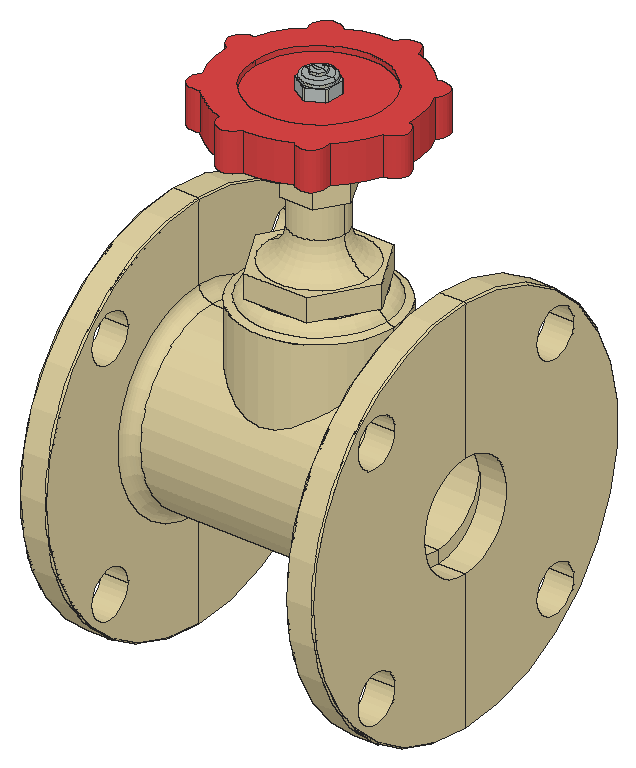
Revit family "AA01920000", category Apparecchi idraulici, Revit 2020
Family settings
  Quota connettore circolare = Usa diametro
  Tipo di parte = Normale
  Numero OmniClass = 23.45.00.00
  Titolo OmniClass = Sanitary, Laundry, and Cleaning Equipment
  Basato su piano di lavoro = No
  Sempre verticale = Sì
  Taglio con vuoti quando caricato = No
  Condiviso = No
  Punto di calcolo locali = No
Parameters
  URL = "https://web.cimberio.it/index.php/figura/1?subcategoria_id=10200"
  Temperatura di esercizio = "-10 ÷ 170°C (DN 15 ÷ 100); -10 ÷ 150°C (DN 125 e 150)"
  Prospetto di default = 0 mm
  Produttore = "CIMBERIO SPA"
  Pressione nominale = "PN 16 (DN 15 ÷ 100); PN 10 (DN 125 e 150)"
  Modello = "Cim *72FPN10"
  Materiale = "Prodotto in lega di bronzo conforme alla norma EN 1982-CC491K"
  Descrizione = "Utilizzato nei più svariati settori dell'impiantistica: impianti di riscaldamento, condizionamento, idrici, igienico-sanitari, reti di distribuzione oli, benzine, vapore saturo e in generale con ogni fluido non corrosivo."
  DN Model [instance] = AA01923204 : AA01923204
  DN [instance] = 40 mm
  Commenti sul tipo = "Realizzato in ottemperanza ai requisiti gestionali della norma EN ISO 9001. Collaudato al 100% secondo la normativa EN 12266-1."
Reference planes
  plane 1 "Centro (Fronte/Retro)": y = 0
  plane 2: z = 0
  plane 3 "Centro (Sinistra/Destra)": x = 0
Dimensions and locks
  aligned and locked: level to plane 2
Nested families
  nested 1: "AA01923204" at (0, 0, 0), type <- "DN Model", type "AA01923204"
  nested 2: "AA01923204" at (0, 0, 0), type <- "DN Model", type "AA01923204"
  nested 3: "AA01923204" at (0, 0, 0), type <- "DN Model", type "AA01923204"
  nested 4: "AA01923204" at (0, 0, 0), type <- "DN Model", type "AA01923204"
  nested 5: "AA01923204" at (0, 0, 0), type <- "DN Model", type "AA01923204"
  nested 6: "AA01923204" at (0, 0, 0), type <- "DN Model", type "AA01923204"
  nested 7: "AA01923204" at (0, 0, 0), type <- "DN Model", type "AA01923204"
  nested 8: "AA01923204" at (0, 0, 0), type <- "DN Model", type "AA01923204"
  nested 9: "AA01923204" at (0, 0, 0), type <- "DN Model", type "AA01923204"
  nested 10: "AA01923204" at (0, 0, 0), type <- "DN Model", type "AA01923204"
  nested 11: "AA01923204" at (0, 0, 0), type <- "DN Model", type "AA01923204"
Connectors
  piping at (56.502, 0, -4.5), diameter 40, driven by "DN"
    settings: on nested 1, index 1, connector inside diameter 609.6 mm, connector length 0 mm, flow factor 0, pipe flow 0.0 L/s, pressure drop 0.0 Pa, fitting loss kfactor 0, connector angle 0.00°, fixture units 0, engagement length 0 mm, angle of deflection 0.00°, flow configuration 0, flow direction 0, fitting loss method 0, system type 7, joint type 0, gender type 0, connector reference index -1, connector utility 0, adjustable connector no, is connector primary yes, connector description ""
  piping at (-56.502, 0, -4.5), diameter 40, driven by "DN"
    settings: on nested 1, index 2, connector inside diameter 609.6 mm, connector length 0 mm, flow factor 0, pipe flow 0.0 L/s, pressure drop 0.0 Pa, fitting loss kfactor 0, connector angle 0.00°, fixture units 0, engagement length 0 mm, angle of deflection 0.00°, flow configuration 0, flow direction 0, fitting loss method 0, system type 7, joint type 0, gender type 0, connector reference index -1, connector utility 0, adjustable connector no, is connector primary no, connector description ""
Definition of nested family "AA01923204"
  Parameters (values of type "AA01923204")
    Default Elevation = 0 mm
  Reference planes
    plane 1 "Centro (Fronte/Retro)": y = 0
    plane 2: z = 0
    plane 3 "Centro (Sinistra/Destra)": x = 0
  Forms (mm)
    Revolve 1, solid
      sketch origin (0, 0, 0) x (1, 0, 0) y (0, 0, 1)
        loop
          line (45.998, -20) -> (-46.002, -20) -> (-46.002, -39.5)
          arc (-46.002, -39.5) -> (-44.537, -35.964) -> (-41.002, -34.5) r 5
          line (-41.002, -34.5) -> (41.08, -34.5)
          arc (41.08, -34.5) -> (44.281, -35.659) -> (45.998, -38.598) r 5
          line (45.998, -38.598) -> (45.998, -20)
        axis (-46.002, 0) -> (45.998, 0)
      angle from 0 to 360
    Revolve 2, solid
      sketch origin (0, 0, 35) x (1, 0, 0) y (0, 0, 1)
        loop
          arc (-21.752, 20.5) -> (-24.233, 18.971) -> (-26.002, 16.654) r 8
          line (-26.002, 16.654) -> (-28.752, 15.653) -> (-28.752, -26.522) -> (0, -26.522) -> (0, 20.5) -> (-21.752, 20.5)
        axis (0, 20.5) -> (0, -26.522)
      angle from 0 to 360
    Extrusion 3, solid
      sketch origin (0, 0, 18) x (0, -1, 0) y (1, 0, 0)
        loop
          line (0, 24.15) -> (-20.915, 12.075) -> (-20.915, -12.075) -> (0, -24.15) -> (20.915, -12.075) -> (20.915, 12.075) -> (0, 24.15)
      from 37.5 to 46.166
    Revolve 4, solid
      sketch origin (0, 0, 48.994) x (1, 0, 0) y (0, 0, 1)
        loop
          line (0, 15.171) -> (0, 39) -> (-10.002, 39) -> (-10.002, 27.246)
          arc (-10.002, 27.246) -> (-12.585, 19.636) -> (-19.267, 15.171) r 12.5
          line (-19.267, 15.171) -> (0, 15.171)
        axis (0, 39) -> (0, 15.171)
      angle from 0 to 360
    Extrusion 5, solid
      sketch origin (0, 0, 18) x (0, -1, 0) y (1, 0, 0)
        loop
          line (0, 12.5) -> (-10.825, 6.25) -> (-10.825, -6.25) -> (0, -12.5) -> (10.825, -6.25) -> (10.825, 6.25) -> (0, 12.5)
      from 69.995 to 82
    Revolve 6, solid
      sketch origin (0, 0, 45.008) x (1, 0, 0) y (0, 0, 1)
        loop
          line (-5.5, 64.492) -> (-5.5, 52.992) -> (0, 52.992) -> (0, 64.492) -> (-5.5, 64.492)
        axis (0, 64.492) -> (0, 52.992)
      angle from 0 to 360
    Extrusion 7, solid
      sketch origin (0, 0, 31.5) x (0.999997, 0.002557, 0) y (-0.002557, 0.999997, 0)
        loop
          spline (-15.797, 32.071) -> (-17.019, 32.821) -> (-18.289, 33.332) -> (-19.561, 33.587) -> (-20.79, 33.575) -> (-21.931, 33.299) -> (-22.943, 32.766) -> (-23.79, 31.997) -> (-24.44, 31.02) -> (-24.871, 29.869) -> (-25.067, 28.586) -> (-25.02, 27.218) -> (-24.734, 25.813)
          arc (-24.734, 25.813) -> (-30.151, 19.208) -> (-33.847, 11.507) r 35.75
          spline (-33.847, 11.507) -> (-35.242, 11.174) -> (-36.501, 10.637) -> (-37.581, 9.918) -> (-38.442, 9.041) -> (-39.053, 8.038) -> (-39.392, 6.946) -> (-39.447, 5.804) -> (-39.216, 4.653) -> (-38.707, 3.534) -> (-37.938, 2.488) -> (-36.938, 1.554) -> (-35.742, 0.763)
          arc (-35.742, 0.763) -> (-34.903, -7.738) -> (-32.071, -15.797) r 35.75
          spline (-32.071, -15.797) -> (-32.821, -17.019) -> (-33.332, -18.289) -> (-33.587, -19.561) -> (-33.575, -20.79) -> (-33.299, -21.931) -> (-32.766, -22.943) -> (-31.997, -23.79) -> (-31.02, -24.44) -> (-29.869, -24.871) -> (-28.586, -25.067) -> (-27.218, -25.02) -> (-25.813, -24.734)
          arc (-25.813, -24.734) -> (-19.208, -30.151) -> (-11.507, -33.847) r 35.75
          spline (-11.507, -33.847) -> (-11.174, -35.242) -> (-10.637, -36.501) -> (-9.918, -37.581) -> (-9.041, -38.442) -> (-8.038, -39.053) -> (-6.946, -39.392) -> (-5.804, -39.447) -> (-4.653, -39.216) -> (-3.534, -38.707) -> (-2.488, -37.938) -> (-1.554, -36.938) -> (-0.763, -35.742)
          arc (-0.763, -35.742) -> (7.738, -34.903) -> (15.797, -32.071) r 35.75
          spline (15.797, -32.071) -> (17.019, -32.821) -> (18.289, -33.332) -> (19.561, -33.587) -> (20.79, -33.575) -> (21.931, -33.299) -> (22.943, -32.766) -> (23.79, -31.997) -> (24.44, -31.02) -> (24.871, -29.869) -> (25.067, -28.586) -> (25.02, -27.218) -> (24.734, -25.813)
          arc (24.734, -25.813) -> (30.151, -19.208) -> (33.847, -11.507) r 35.75
          spline (33.847, -11.507) -> (35.242, -11.174) -> (36.501, -10.637) -> (37.581, -9.918) -> (38.442, -9.041) -> (39.053, -8.038) -> (39.392, -6.946) -> (39.447, -5.804) -> (39.216, -4.653) -> (38.707, -3.534) -> (37.938, -2.488) -> (36.938, -1.554) -> (35.742, -0.763)
          arc (35.742, -0.763) -> (34.903, 7.738) -> (32.071, 15.797) r 35.75
          spline (32.071, 15.797) -> (32.821, 17.019) -> (33.332, 18.289) -> (33.587, 19.561) -> (33.575, 20.79) -> (33.299, 21.931) -> (32.766, 22.943) -> (31.997, 23.79) -> (31.02, 24.44) -> (29.869, 24.871) -> (28.586, 25.067) -> (27.218, 25.02) -> (25.813, 24.734)
          arc (25.813, 24.734) -> (19.208, 30.151) -> (11.507, 33.847) r 35.75
          spline (11.507, 33.847) -> (11.174, 35.242) -> (10.637, 36.501) -> (9.918, 37.581) -> (9.041, 38.442) -> (8.038, 39.053) -> (6.946, 39.392) -> (5.804, 39.447) -> (4.653, 39.216) -> (3.534, 38.707) -> (2.488, 37.938) -> (1.554, 36.938) -> (0.763, 35.742)
          arc (0.763, 35.742) -> (-7.738, 34.903) -> (-15.797, 32.071) r 35.75
      from 78 to 92.463
    Extrusion 8, void
      sketch origin (0, -1.881, 31.5) x (1, 0, 0) y (0, 1, 0)
        loop
          circle (0, 1.881) r 24.598
      from 90.5 to 93.751
    Extrusion 9, solid
      sketch origin (-0.002, -0.001, 47) x (0.363531, -0.931582, 0) y (0.931582, 0.363531, 0)
        loop
          arc (-6.599, 3.005) -> (-6.779, 2.572) -> (-6.931, 2.128) r 7.25
          line (-6.931, 2.128) -> (-5.901, -4.211)
          arc (-5.901, -4.211) -> (-5.616, -4.584) -> (-5.307, -4.937) r 7.25
          line (-5.307, -4.937) -> (0.698, -7.215)
          arc (0.698, -7.215) -> (1.163, -7.154) -> (1.624, -7.064) r 7.25
          line (1.624, -7.064) -> (6.598, -3.002)
          arc (6.598, -3.002) -> (6.779, -2.569) -> (6.931, -2.125) r 7.25
          line (6.931, -2.125) -> (5.9, 4.214)
          arc (5.9, 4.214) -> (5.615, 4.587) -> (5.307, 4.941) r 7.25
          line (5.307, 4.941) -> (-0.698, 7.218)
          arc (-0.698, 7.218) -> (-1.164, 7.158) -> (-1.624, 7.068) r 7.25
          line (-1.624, 7.068) -> (-6.599, 3.005)
      from 75 to 79.5
    Revolve 10, solid
      sketch origin (0, 0, 47) x (1, 0, 0) y (0, 0, 1)
        loop
          line (0, 81.5) -> (0, 79.5) -> (6.25, 79.5) -> (6.25, 80.5)
          arc (6.25, 80.5) -> (5.957, 81.207) -> (5.25, 81.5) r 1
          line (5.25, 81.5) -> (0, 81.5)
        axis (0, 81.5) -> (0, 79.5)
      angle from 0 to 360
    Revolve 11, solid
      sketch origin (0, 0, 35.477) x (1, 0, 0) y (0, 0, 1)
        loop
          line (0, 95) -> (0, 93) -> (1.851, 93) -> (2.902, 93.446) -> (2.902, 94.245) -> (1.9, 95) -> (0, 95)
        axis (0, 95) -> (0, 93)
      angle from 0 to 360
    Revolve 12, solid
      sketch origin (0, 0, 0) x (1, 0, 0) y (0, 0, 1)
        loop
          line (-56.502, 15.5) -> (-46.002, 15.5) -> (-46.002, 68.5) -> (-46.642, 69) -> (-55.838, 69) -> (-56.502, 68.5) -> (-56.502, 15.5)
        axis (-56.502, -4.5) -> (-46.002, -4.5)
      angle from 0 to 360
    Revolve 13, solid
      sketch origin (0, 0, 0) x (-1, 0, 0) y (0, 0, 1)
        loop
          line (-56.502, 15.5) -> (-46.002, 15.5) -> (-46.002, 68.5) -> (-46.642, 69) -> (-55.838, 69) -> (-56.502, 68.5) -> (-56.502, 15.5)
        axis (-56.502, -4.5) -> (-46.002, -4.5)
      angle from 0 to 360
    Extrusion 14, void
      sketch origin (0, 0, 0) x (0, 1, 0) y (0, 0, 1)
        loop
          circle (-42.955, 39.57) r 9
        loop
          circle (42.955, 39.57) r 9
        loop
          circle (-42.955, -48.57) r 9
        loop
          circle (42.955, -48.57) r 9
      from -104.685 to 100
  Cuts and joins
    Extrusion 8 cuts Extrusion 7
    Extrusion 14 cuts Revolve 12
    Extrusion 14 cuts Revolve 13
  Dimensions and locks
    aligned and locked: level to plane 2
